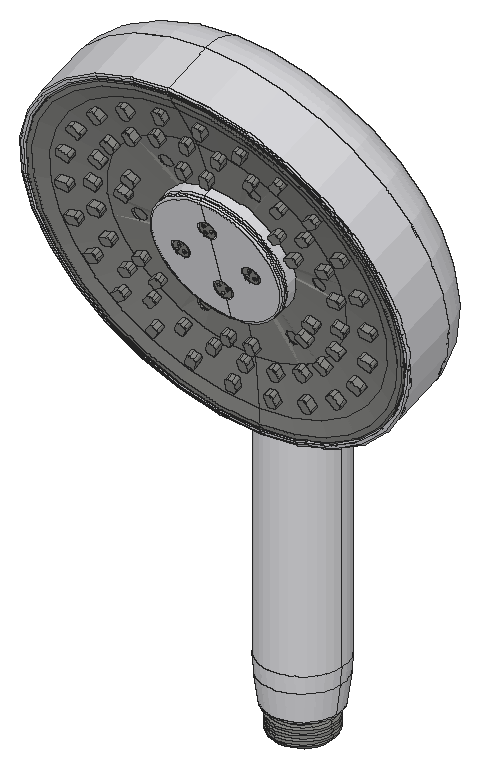
Revit family "Shower-Handshower-KOHLER-Statement_Round-K-R28694T_1", category Plumbing Fixtures, host Face, Revit 2021
Family settings
  Host = Face
  Round Connector Dimension = Use Diameter
  Part Type = Normal
  OmniClass Number = 23.31.17.00
  OmniClass Title = Showers
  Cut with Voids When Loaded = No
  Shared = No
  Room Calculation Point = No
Parameters (values of type "2.5GPM, CP-Polished Chrome")
  Width = 5 15/128"  # constant formula
  WaterSense Certified = 1 = 0  # no
  Waste Water Outlet = "Waste Water Outlet"  # constant formula
  Waste Connection = 1 = 0  # no
  Vent Connection = 1 = 0  # no
  URL = "http://www.kohler.com.cn/"
  Type = 1
  Tempered Water Inlet = "Tempered Water Inlet"  # constant formula
  Product Page URL = ""
  Product Name = "Statement Round"  # constant formula
  Product Documentation Link = ""
  Pressure = 80.00 psi  # constant formula
  Panel Thickness = 0"
  Model = if(Type = 1, "K-R28694T-CP", if(Type = 2, "K-R28694T-E2-CP", if(Type = 3, "K-R28694T-E3-CP", "NA")))  # "K-R28694T-CP"
  Material = "Plastic"  # constant formula
  Master Format 2014 Name = "Residential Showers"  # constant formula
  Master Format 2014 = "22 42 23"  # constant formula
  Manufacturer Address = "Kohler Beijing Office (100016) 36-2-03-B, No. 88, Liuxiang Road, Beijing"  # constant formula
  Manufacturer = "Kohler Co."  # constant formula
  Length = 3 13/128"  # constant formula
  Hot Water Inlet = "Hot Water Inlet"  # constant formula
  Height = 8 127/128"  # constant formula
  HW Connection = 1 = 1  # yes
  Flow Rate = if(or(Type < 2), 2.5 GPM, if(or(Type < 3), 1.5 GPM, 1.32 GPM))  # 2.5 GPM
  Finish = Kohler-Plastic-CP-Polished_Chrome
  Environmental Product Declaration = ""
  Drain Included = 1 = 0  # no
  Description = if(Type < 3, "Round Handshower With Watermind", "Round Handshower With Watermind 1.32GPM")  # "Round Handshower With Watermind"
  Default Elevation = 45"
  Declare Label = ""
  Date Modified = "01/23/2023"  # constant formula
  Date Created = "01/23/2023"  # constant formula
  Copyright = "Copyright Kohler Co."  # constant formula
  Contact Us = "http://www.kohler.com.cn/contact/contact-us/"
  Cold Water Inlet = "Cold Water Inlet"  # constant formula
  CW Connection = 1 = 0  # no
  Assembly Code = "D2010700"
  ADA Compliant = 1 = 0  # no
Reference planes (in)
  plane 1 "Center (Front/Back)": y = 0
  plane 2: z = 0
  plane 3 "Center (Left/Right)": x = 0
  plane 4: x = 2.55906
  plane 5: x = -2.55813
  plane 6: y = 0.82963
  plane 7: y = -2.27193
  plane 8: x = -0.53161
  plane 9: x = -0.4115
  plane 10: x = 0.53161
  plane 11: x = 0.4115
  plane 12: z = 8.99219
  plane 13: z = 6.32484
  plane 14: through (0, -2.27676, 8.75801) normal (0, -0.9508, -0.3098)
  plane 15: through (0, -0.95672, 8.99409) normal (0, -0.9508, -0.3098)
  plane 16: through (0, -0.60323, 8.99409) normal (0, -0.9508, -0.3098)
  plane 17: through (0, -2.27676, 8.758) normal (0, 0.3098, -0.9508)
  plane 18: through (0, -2.27676, 6.06655) normal (0, 0.3098, -0.9508)
  plane 19: through (0, -0.69124, 3.89167) normal (0, 0.3098, -0.9508)
Dimensions and locks (in)
  plane 5 to plane 4 = 5 15/128"
  "Width": plane 5 to plane 4
  "Height": plane 12 to level
  "Length": plane 6 to plane 7
  plane 14 to plane 15 = 1.32824"
  aligned and locked: plane 2 to host face
  aligned and locked: level to host face
  aligned and locked: plane 1 "Center (Front/Back)" to nested 1
  aligned and locked: plane 3 "Center (Left/Right)" to nested 1
Automatic sketch dimensions
  host sketch curve to host sketch curve = 96"  (x2)
Nested families (in)
  nested 1: "K-R28694T" at (0, 0, 0), type "K-R28694T"
Connectors (in)
  piping at (0, 0, 0), diameter 0.5, driven by "Flow Rate", driven by "Pressure", driven by "HW Connection", driven by "Tempered Water Inlet"
    settings: on nested 1, index 1, connector inside diameter 24", connector length 0", flow factor 0, pipe flow 2.5 GPM, pressure drop 80.00 psi, fitting loss kfactor 0, connector angle 0.00°, fixture units 0, engagement length 0", angle of deflection 0.00°, flow configuration 1, flow direction 1, fitting loss method 4, system type 19, joint type 0, gender type 0, connector reference index -1, connector utility 1, adjustable connector no, is connector primary yes, connector description "Tempered Water Inlet"
Definition of nested family "K-R28694T"
  Parameters (values of type "K-R28694T")
    Material = none
    Default Elevation = 0"
  Reference planes (in)
    plane 1 "Center (Front/Back)": y = 0
    plane 2: z = 0
    plane 3 "Center (Left/Right)": x = 0
    plane 4: z = 8.99409
    plane 5: y = -2.27318
    plane 6: y = 0.82963
    plane 7: x = -2.55906
    plane 8: x = 2.55906
    plane 9: x = -0.53161
    plane 10: x = 0.53161
    plane 11: x = -0.4115
    plane 12: x = 0.4115
    plane 13 "A": through (0, -2.27318, 8.74702) normal (0, 0.9508, 0.3098)
    plane 14 "B": through (0, -1.0153, 9.17389) normal (0, 0.9508, 0.3098)
    plane 15 "C": through (0, -0.84063, 9.72272) normal (0, 0.9508, 0.3098)
    plane 16 "E": z = 6.32484
    plane 17 "D": through (0, -1.484, 6.32484) normal (0, -0.3098, 0.9508)
    plane 18 "F": through (0, -2.27676, 8.75801) normal (0, -0.3098, 0.9508)
    plane 19 "G": through (0, -0.91185, 9.63804) normal (0, 0.9508, 0.3098)
    plane 20: through (0, 1.49533, 5.55665) normal (0, -0.3098, 0.9508)
    plane 21 "H": through (0, -0.69124, 3.89167) normal (0, -0.3098, 0.9508)
  Forms (in)
    Revolve 1, solid, detail levels medium+fine
      sketch origin (0, 0, 0) x (1, 0, 0) y (0, 0, 1)
        loop
          line (0, 0) -> (0, 0.35441) -> (-0.39532, 0.35441)
          arc (-0.39532, 0.35441) -> (-0.3739, 0.34608) -> (-0.36373, 0.32547) r 0.03171
          line (-0.36373, 0.32547) -> (-0.36065, 0.29026)
          arc (-0.36065, 0.29026) -> (-0.364, 0.27415) -> (-0.37569, 0.26257) r 0.02854
          line (-0.37569, 0.26257) -> (-0.4115, 0.24353) -> (-0.4115, 0.21272) -> (-0.3737, 0.19897) -> (-0.4115, 0.17887) -> (-0.4115, 0.14755) -> (-0.3698, 0.13237) -> (-0.4115, 0.1102) -> (-0.4115, 0.07911) -> (-0.36384, 0.05377) -> (-0.39104, 0.03807) -> (-0.35297, 0) -> (0, 0)
        axis (0, 0.35441) -> (0, 0)
      angle from 0 to 360
    Revolve 2, solid, material <- "Material", detail levels medium+fine
      sketch origin (0, 0, 0) x (1, 0, 0) y (0, 0, 1)
        loop
          line (0, 0.35504) -> (0, 4.93557) -> (-0.53161, 4.93557) -> (-0.53161, 0.96802)
          arc (-0.53161, 0.96802) -> (-0.52778, 0.85683) -> (-0.51632, 0.74617) r 1.61728
          arc (-0.51632, 0.74617) -> (-0.49072, 0.56002) -> (-0.46547, 0.37382) r 99.66661
          arc (-0.46547, 0.37382) -> (-0.45826, 0.3604) -> (-0.44399, 0.35504) r 0.02167
          line (-0.44399, 0.35504) -> (0, 0.35504)
        axis (0, 4.93557) -> (0, 0.35504)
      angle from 0 to 360
    Revolve 3, solid, material <- "Material", detail levels medium+fine
      sketch origin (0, 0, 0) x (0, 1, 0) y (0, 0, 1)
        loop
          line (-1.037, 6.47048) -> (-0.2211, 6.73631) -> (-0.69149, 8.18006)
          arc (-0.69149, 8.18006) -> (-0.80228, 8.45967) -> (-0.94696, 8.72334) r 2.41545
          arc (-0.94696, 8.72334) -> (-1.24582, 8.96315) -> (-1.62895, 8.96907) r 0.59055
          line (-1.62895, 8.96907) -> (-2.25804, 8.7641)
          arc (-2.25804, 8.7641) -> (-2.26949, 8.75431) -> (-2.27066, 8.73929) r 0.01969
          line (-2.27066, 8.73929) -> (-2.25848, 8.70193)
          arc (-2.25848, 8.70193) -> (-2.24869, 8.69048) -> (-2.23367, 8.68931) r 0.01969
          line (-2.23367, 8.68931) -> (-2.0059, 8.76352) -> (-1.8534, 8.29544) -> (-1.42526, 7.58291)
          arc (-1.42526, 7.58291) -> (-1.3745, 7.48647) -> (-1.33494, 7.38492) r 0.96461
          line (-1.33494, 7.38492) -> (-1.037, 6.47048)
        axis (-1.484, 6.32484) -> (-0.2211, 6.73631)
      angle from 0 to 360
    Revolve 4, solid, material <- "Material", detail levels medium+fine
      sketch origin (0, 0, 0) x (0, 1, 0) y (0, 0, 1)
        loop
          arc (0.74523, 4.55205) -> (0.73392, 4.56527) -> (0.71658, 4.56662) r 0.02272
          line (0.71658, 4.56662) -> (0.65207, 4.5456) -> (0.4352, 5.21124) -> (-0.00468, 5.06792) -> (0.23937, 4.31887) -> (0.74665, 4.48415)
          arc (0.74665, 4.48415) -> (0.7581, 4.49394) -> (0.75927, 4.50896) r 0.01969
          line (0.75927, 4.50896) -> (0.74523, 4.55205)
        axis (-0.00468, 5.06792) -> (0.52131, 5.2393)
      angle from 0 to 360
    Revolve 5, solid, detail levels medium+fine
      sketch origin (0, 0, 0) x (0, 1, 0) y (0, 0, 1)
        loop
          line (-2.0059, 8.76352) -> (-2.23376, 8.68928)
          arc (-2.23376, 8.68928) -> (-2.24515, 8.67953) -> (-2.24632, 8.66459) r 0.01959
          line (-2.24632, 8.66459) -> (-2.22524, 8.59988) -> (-2.11331, 8.44582)
          arc (-2.11331, 8.44582) -> (-1.93194, 8.17116) -> (-1.77583, 7.88139) r 3.68109
          arc (-1.77583, 7.88139) -> (-1.46268, 7.1594) -> (-1.20849, 6.4146) r 9.79538
          line (-1.20849, 6.4146) -> (-1.037, 6.47048) -> (-1.33494, 7.38492)
          arc (-1.33494, 7.38492) -> (-1.3745, 7.48647) -> (-1.42526, 7.58291) r 0.96461
          line (-1.42526, 7.58291) -> (-1.8534, 8.29544) -> (-2.0059, 8.76352)
        axis (-1.484, 6.32484) -> (-1.037, 6.47048)
      angle from 0 to 360
    Extrusion 6, void
      sketch origin (0, 0.52137, 0.16987) x (0, -0.309785, 0.950807) y (1, 0, 0)
        loop
          circle (6.92246, -0.00063) r 0.12466
      from 0 to 0.09805
    Extrusion 7, solid, detail levels medium+fine
      sketch origin (0, 0.52137, 0.16987) x (0, -0.309785, 0.950807) y (1, 0, 0)
        loop
          circle (6.92246, -0.00063) r 0.10512
        loop
          circle (6.4527, -0.46913) r 0.10512
        loop
          circle (6.4527, 0.46913) r 0.10512
        loop
          circle (6.04793, 0.00072) r 0.11393
      from 0.01975 to 0.09805
    Extrusion 8, void
      sketch origin (0, 0.52137, 0.16987) x (0, -0.309785, 0.950807) y (1, 0, 0)
        loop
          circle (6.98124, -0.03075) r 0.03138
        loop
          circle (6.93063, 0.05953) r 0.03138
        loop
          circle (6.88172, -0.02954) r 0.03138
        loop
          circle (6.09812, -0.04479) r 0.02756
        loop
          circle (6.07436, 0.06696) r 0.02756
        loop
          circle (5.99626, -0.01115) r 0.02756
        loop
          circle (6.42757, 0.52293) r 0.03138
        loop
          circle (6.51785, 0.47231) r 0.03138
        loop
          circle (6.42877, 0.42341) r 0.03138
        loop
          circle (6.42757, -0.52293) r 0.03138
        loop
          circle (6.51785, -0.47231) r 0.03138
        loop
          circle (6.42877, -0.42341) r 0.03138
      from 0 to 0.07184
    Extrusion 9, void
      sketch origin (6.45166, -1.47726, 6.30415) x (-1, 0, 0) y (0, -0.309785, 0.950807)
        loop
          circle (6.92246, -0.00063) r 0.12466
      from 0 to 0.09805
    Extrusion 10, void
      sketch origin (-6.45166, -1.47726, 6.30415) x (1, 0, 0) y (0, 0.309785, -0.950807)
        loop
          circle (6.92246, 0.00063) r 0.12466
      from 0 to 0.09805
    Extrusion 11, void
      sketch origin (0, 0.52137, 0.16987) x (0, -0.309785, 0.950807) y (1, 0, 0)
        loop
          circle (6.04178, 0.00072) r 0.13029
      from 0 to 0.09805
    Extrusion 12, solid, detail levels medium+fine
      sketch origin (0, 0.50612, 0.21666) x (0, -0.309785, 0.950807) y (1, 0, 0)
        loop
          arc (8.14294, -0.06192) -> (8.17077, -0.05038) -> (8.18231, -0.02255) r 0.03937
          line (8.18231, -0.02255) -> (8.18231, 0.02208)
          arc (8.18231, 0.02208) -> (8.17077, 0.04992) -> (8.14294, 0.06145) r 0.03937
          line (8.14294, 0.06145) -> (8.05073, 0.06145)
          arc (8.05073, 0.06145) -> (8.02289, 0.04992) -> (8.01136, 0.02208) r 0.03937
          line (8.01136, 0.02208) -> (8.01136, -0.02255)
          arc (8.01136, -0.02255) -> (8.02289, -0.05038) -> (8.05073, -0.06192) r 0.03937
          line (8.05073, -0.06192) -> (8.14294, -0.06192)
        loop
          arc (8.06736, -0.48836) -> (8.09724, -0.48442) -> (8.11558, -0.46052) r 0.03937
          line (8.11558, -0.46052) -> (8.12713, -0.41741)
          arc (8.12713, -0.41741) -> (8.1232, -0.38754) -> (8.09929, -0.36919) r 0.03937
          line (8.09929, -0.36919) -> (8.01022, -0.34533)
          arc (8.01022, -0.34533) -> (7.98035, -0.34926) -> (7.96201, -0.37317) r 0.03937
          line (7.96201, -0.37317) -> (7.95046, -0.41627)
          arc (7.95046, -0.41627) -> (7.95439, -0.44615) -> (7.97829, -0.46449) r 0.03937
          line (7.97829, -0.46449) -> (8.06736, -0.48836)
        loop
          arc (7.90052, -0.87681) -> (7.9304, -0.88074) -> (7.9543, -0.8624) r 0.03937
          line (7.9543, -0.8624) -> (7.97662, -0.82375)
          arc (7.97662, -0.82375) -> (7.98055, -0.79388) -> (7.9622, -0.76997) r 0.03937
          line (7.9622, -0.76997) -> (7.88235, -0.72387)
          arc (7.88235, -0.72387) -> (7.85247, -0.71994) -> (7.82857, -0.73828) r 0.03937
          line (7.82857, -0.73828) -> (7.80626, -0.77693)
          arc (7.80626, -0.77693) -> (7.80232, -0.8068) -> (7.82067, -0.83071) r 0.03937
          line (7.82067, -0.83071) -> (7.90052, -0.87681)
        loop
          arc (7.60955, -1.22964) -> (7.63739, -1.24117) -> (7.66523, -1.22964) r 0.03937
          line (7.66523, -1.22964) -> (7.69678, -1.19809)
          arc (7.69678, -1.19809) -> (7.70831, -1.17025) -> (7.69678, -1.14241) r 0.03937
          line (7.69678, -1.14241) -> (7.63158, -1.07721)
          arc (7.63158, -1.07721) -> (7.60374, -1.06568) -> (7.5759, -1.07721) r 0.03937
          line (7.5759, -1.07721) -> (7.54435, -1.10876)
          arc (7.54435, -1.10876) -> (7.53282, -1.1366) -> (7.54435, -1.16444) r 0.03937
          line (7.54435, -1.16444) -> (7.60955, -1.22964)
        loop
          arc (7.26839, -1.46538) -> (7.2923, -1.48372) -> (7.32217, -1.47979) r 0.03937
          line (7.32217, -1.47979) -> (7.36082, -1.45748)
          arc (7.36082, -1.45748) -> (7.37916, -1.43357) -> (7.37523, -1.4037) r 0.03937
          line (7.37523, -1.4037) -> (7.32912, -1.32384)
          arc (7.32912, -1.32384) -> (7.30522, -1.3055) -> (7.27534, -1.30943) r 0.03937
          line (7.27534, -1.30943) -> (7.2367, -1.33174)
          arc (7.2367, -1.33174) -> (7.21835, -1.35565) -> (7.22229, -1.38552) r 0.03937
          line (7.22229, -1.38552) -> (7.26839, -1.46538)
        loop
          arc (6.83999, -1.62545) -> (6.85833, -1.64936) -> (6.88821, -1.65329) r 0.03937
          line (6.88821, -1.65329) -> (6.93131, -1.64174)
          arc (6.93131, -1.64174) -> (6.95522, -1.6234) -> (6.95915, -1.59352) r 0.03937
          line (6.95915, -1.59352) -> (6.93528, -1.50446)
          arc (6.93528, -1.50446) -> (6.91694, -1.48055) -> (6.88706, -1.47662) r 0.03937
          line (6.88706, -1.47662) -> (6.84396, -1.48817)
          arc (6.84396, -1.48817) -> (6.82006, -1.50651) -> (6.81612, -1.53639) r 0.03937
          line (6.81612, -1.53639) -> (6.83999, -1.62545)
        loop
          arc (6.41115, -1.66619) -> (6.42268, -1.69403) -> (6.45052, -1.70556) r 0.03937
          line (6.45052, -1.70556) -> (6.49514, -1.70556)
          arc (6.49514, -1.70556) -> (6.52298, -1.69403) -> (6.53451, -1.66619) r 0.03937
          line (6.53451, -1.66619) -> (6.53451, -1.57398)
          arc (6.53451, -1.57398) -> (6.52298, -1.54614) -> (6.49514, -1.53461) r 0.03937
          line (6.49514, -1.53461) -> (6.45052, -1.53461)
          arc (6.45052, -1.53461) -> (6.42268, -1.54614) -> (6.41115, -1.57398) r 0.03937
          line (6.41115, -1.57398) -> (6.41115, -1.66619)
        loop
          arc (5.98471, -1.59061) -> (5.98864, -1.62049) -> (6.01255, -1.63883) r 0.03937
          line (6.01255, -1.63883) -> (6.05565, -1.65038)
          arc (6.05565, -1.65038) -> (6.08553, -1.64645) -> (6.10387, -1.62254) r 0.03937
          line (6.10387, -1.62254) -> (6.12774, -1.53348)
          arc (6.12774, -1.53348) -> (6.1238, -1.5036) -> (6.0999, -1.48526) r 0.03937
          line (6.0999, -1.48526) -> (6.05679, -1.47371)
          arc (6.05679, -1.47371) -> (6.02692, -1.47764) -> (6.00858, -1.50155) r 0.03937
          line (6.00858, -1.50155) -> (5.98471, -1.59061)
        loop
          line (8.07967, 0.48836) -> (7.9906, 0.46449)
          arc (7.9906, 0.46449) -> (7.96669, 0.44615) -> (7.96276, 0.41627) r 0.03937
          line (7.96276, 0.41627) -> (7.97431, 0.37317)
          arc (7.97431, 0.37317) -> (7.99265, 0.34926) -> (8.02253, 0.34533) r 0.03937
          line (8.02253, 0.34533) -> (8.11159, 0.36919)
          arc (8.11159, 0.36919) -> (8.1355, 0.38754) -> (8.13943, 0.41741) r 0.03937
          line (8.13943, 0.41741) -> (8.12788, 0.46052)
          arc (8.12788, 0.46052) -> (8.10954, 0.48442) -> (8.07967, 0.48836) r 0.03937
        loop
          line (7.90052, 0.88911) -> (7.82067, 0.84301)
          arc (7.82067, 0.84301) -> (7.80232, 0.8191) -> (7.80626, 0.78923) r 0.03937
          line (7.80626, 0.78923) -> (7.82857, 0.75058)
          arc (7.82857, 0.75058) -> (7.85247, 0.73224) -> (7.88235, 0.73617) r 0.03937
          line (7.88235, 0.73617) -> (7.9622, 0.78228)
          arc (7.9622, 0.78228) -> (7.98055, 0.80618) -> (7.97662, 0.83606) r 0.03937
          line (7.97662, 0.83606) -> (7.9543, 0.8747)
          arc (7.9543, 0.8747) -> (7.9304, 0.89305) -> (7.90052, 0.88911) r 0.03937
        loop
          line (7.62185, 1.20503) -> (7.55665, 1.13983)
          arc (7.55665, 1.13983) -> (7.54512, 1.11199) -> (7.55665, 1.08416) r 0.03937
          line (7.55665, 1.08416) -> (7.58821, 1.0526)
          arc (7.58821, 1.0526) -> (7.61605, 1.04107) -> (7.64388, 1.0526) r 0.03937
          line (7.64388, 1.0526) -> (7.70909, 1.1178)
          arc (7.70909, 1.1178) -> (7.72062, 1.14564) -> (7.70909, 1.17348) r 0.03937
          line (7.70909, 1.17348) -> (7.67753, 1.20503)
          arc (7.67753, 1.20503) -> (7.64969, 1.21657) -> (7.62185, 1.20503) r 0.03937
        loop
          line (7.28069, 1.46538) -> (7.23459, 1.38552)
          arc (7.23459, 1.38552) -> (7.23066, 1.35565) -> (7.249, 1.33174) r 0.03937
          line (7.249, 1.33174) -> (7.28765, 1.30943)
          arc (7.28765, 1.30943) -> (7.31752, 1.3055) -> (7.34143, 1.32384) r 0.03937
          line (7.34143, 1.32384) -> (7.38753, 1.4037)
          arc (7.38753, 1.4037) -> (7.39146, 1.43357) -> (7.37312, 1.45748) r 0.03937
          line (7.37312, 1.45748) -> (7.33448, 1.47979)
          arc (7.33448, 1.47979) -> (7.3046, 1.48372) -> (7.28069, 1.46538) r 0.03937
        loop
          line (6.86459, 1.62545) -> (6.84073, 1.53639)
          arc (6.84073, 1.53639) -> (6.84466, 1.50651) -> (6.86857, 1.48817) r 0.03937
          line (6.86857, 1.48817) -> (6.91167, 1.47662)
          arc (6.91167, 1.47662) -> (6.94155, 1.48055) -> (6.95989, 1.50446) r 0.03937
          line (6.95989, 1.50446) -> (6.98376, 1.59352)
          arc (6.98376, 1.59352) -> (6.97982, 1.6234) -> (6.95592, 1.64174) r 0.03937
          line (6.95592, 1.64174) -> (6.91281, 1.65329)
          arc (6.91281, 1.65329) -> (6.88294, 1.64936) -> (6.86459, 1.62545) r 0.03937
        loop
          arc (5.00821, -0.76671) -> (4.99071, -0.79124) -> (4.99569, -0.82096) r 0.03937
          line (4.99569, -0.82096) -> (5.01933, -0.8588)
          arc (5.01933, -0.8588) -> (5.04387, -0.8763) -> (5.07359, -0.87133) r 0.03937
          line (5.07359, -0.87133) -> (5.15178, -0.82246)
          arc (5.15178, -0.82246) -> (5.16928, -0.79793) -> (5.16431, -0.76821) r 0.03937
          line (5.16431, -0.76821) -> (5.14066, -0.73037)
          arc (5.14066, -0.73037) -> (5.11613, -0.71287) -> (5.08641, -0.71784) r 0.03937
          line (5.08641, -0.71784) -> (5.00821, -0.76671)
        loop
          arc (4.8825, -0.36876) -> (4.85925, -0.38792) -> (4.85636, -0.41792) r 0.03937
          line (4.85636, -0.41792) -> (4.8694, -0.46059)
          arc (4.8694, -0.46059) -> (4.88857, -0.48384) -> (4.91856, -0.48673) r 0.03937
          line (4.91856, -0.48673) -> (5.00674, -0.45977)
          arc (5.00674, -0.45977) -> (5.03, -0.4406) -> (5.03288, -0.41061) r 0.03937
          line (5.03288, -0.41061) -> (5.01984, -0.36794)
          arc (5.01984, -0.36794) -> (5.00067, -0.34468) -> (4.97068, -0.3418) r 0.03937
          line (4.97068, -0.3418) -> (4.8825, -0.36876)
        loop
          arc (4.82434, 0.05181) -> (4.79692, 0.03932) -> (4.78637, 0.01109) r 0.03937
          line (4.78637, 0.01109) -> (4.78793, -0.0335)
          arc (4.78793, -0.0335) -> (4.80042, -0.06092) -> (4.82865, -0.07148) r 0.03937
          line (4.82865, -0.07148) -> (4.9208, -0.06826)
          arc (4.9208, -0.06826) -> (4.94822, -0.05576) -> (4.95877, -0.02754) r 0.03937
          line (4.95877, -0.02754) -> (4.95722, 0.01706)
          arc (4.95722, 0.01706) -> (4.94472, 0.04448) -> (4.9165, 0.05503) r 0.03937
          line (4.9165, 0.05503) -> (4.82434, 0.05181)
        loop
          arc (4.88413, 0.48062) -> (4.85441, 0.47564) -> (4.83691, 0.45111) r 0.03937
          line (4.83691, 0.45111) -> (4.82687, 0.40763)
          arc (4.82687, 0.40763) -> (4.83185, 0.37791) -> (4.85638, 0.36041) r 0.03937
          line (4.85638, 0.36041) -> (4.94622, 0.33967)
          arc (4.94622, 0.33967) -> (4.97594, 0.34464) -> (4.99344, 0.36918) r 0.03937
          line (4.99344, 0.36918) -> (5.00348, 0.41266)
          arc (5.00348, 0.41266) -> (4.99851, 0.44238) -> (4.97397, 0.45987) r 0.03937
          line (4.97397, 0.45987) -> (4.88413, 0.48062)
        loop
          arc (5.07335, 0.8878) -> (5.04335, 0.89069) -> (5.0201, 0.87153) r 0.03937
          line (5.0201, 0.87153) -> (4.99915, 0.83212)
          arc (4.99915, 0.83212) -> (4.99626, 0.80213) -> (5.01543, 0.77888) r 0.03937
          line (5.01543, 0.77888) -> (5.09685, 0.73559)
          arc (5.09685, 0.73559) -> (5.12684, 0.7327) -> (5.15009, 0.75187) r 0.03937
          line (5.15009, 0.75187) -> (5.17104, 0.79127)
          arc (5.17104, 0.79127) -> (5.17393, 0.82126) -> (5.15476, 0.84451) r 0.03937
          line (5.15476, 0.84451) -> (5.07335, 0.8878)
        loop
          arc (5.33952, 1.22597) -> (5.3113, 1.23652) -> (5.28388, 1.22402) r 0.03937
          line (5.28388, 1.22402) -> (5.25345, 1.19139)
          arc (5.25345, 1.19139) -> (5.24289, 1.16316) -> (5.25539, 1.13574) r 0.03937
          line (5.25539, 1.13574) -> (5.32283, 1.07286)
          arc (5.32283, 1.07286) -> (5.35105, 1.06231) -> (5.37847, 1.0748) r 0.03937
          line (5.37847, 1.0748) -> (5.4089, 1.10744)
          arc (5.4089, 1.10744) -> (5.41946, 1.13566) -> (5.40696, 1.16308) r 0.03937
          line (5.40696, 1.16308) -> (5.33952, 1.22597)
        loop
          arc (5.58983, -1.41263) -> (5.58589, -1.44251) -> (5.60424, -1.46641) r 0.03937
          line (5.60424, -1.46641) -> (5.64288, -1.48872)
          arc (5.64288, -1.48872) -> (5.67276, -1.49266) -> (5.69666, -1.47431) r 0.03937
          line (5.69666, -1.47431) -> (5.74277, -1.39446)
          arc (5.74277, -1.39446) -> (5.7467, -1.36458) -> (5.72836, -1.34068) r 0.03937
          line (5.72836, -1.34068) -> (5.68971, -1.31837)
          arc (5.68971, -1.31837) -> (5.65984, -1.31443) -> (5.63593, -1.33278) r 0.03937
          line (5.63593, -1.33278) -> (5.58983, -1.41263)
        loop
          arc (5.25497, -1.13818) -> (5.24344, -1.16602) -> (5.25497, -1.19386) r 0.03937
          line (5.25497, -1.19386) -> (5.28653, -1.22541)
          arc (5.28653, -1.22541) -> (5.31436, -1.23694) -> (5.3422, -1.22541) r 0.03937
          line (5.3422, -1.22541) -> (5.40741, -1.16021)
          arc (5.40741, -1.16021) -> (5.41894, -1.13237) -> (5.40741, -1.10453) r 0.03937
          line (5.40741, -1.10453) -> (5.37585, -1.07298)
          arc (5.37585, -1.07298) -> (5.34801, -1.06144) -> (5.32017, -1.07298) r 0.03937
          line (5.32017, -1.07298) -> (5.25497, -1.13818)
        loop
          arc (6.55493, 1.66222) -> (6.5434, 1.69006) -> (6.51556, 1.70159) r 0.03937
          line (6.51556, 1.70159) -> (6.47094, 1.70159)
          arc (6.47094, 1.70159) -> (6.4431, 1.69006) -> (6.43157, 1.66222) r 0.03937
          line (6.43157, 1.66222) -> (6.43157, 1.57001)
          arc (6.43157, 1.57001) -> (6.4431, 1.54218) -> (6.47094, 1.53064) r 0.03937
          line (6.47094, 1.53064) -> (6.51556, 1.53064)
          arc (6.51556, 1.53064) -> (6.5434, 1.54218) -> (6.55493, 1.57001) r 0.03937
          line (6.55493, 1.57001) -> (6.55493, 1.66222)
        loop
          line (5.98005, 1.58665) -> (6.00392, 1.49758)
          arc (6.00392, 1.49758) -> (6.02226, 1.47368) -> (6.05214, 1.46974) r 0.03937
          line (6.05214, 1.46974) -> (6.09524, 1.48129)
          arc (6.09524, 1.48129) -> (6.11915, 1.49964) -> (6.12308, 1.52951) r 0.03937
          line (6.12308, 1.52951) -> (6.09921, 1.61858)
          arc (6.09921, 1.61858) -> (6.08087, 1.64249) -> (6.051, 1.64642) r 0.03937
          line (6.051, 1.64642) -> (6.00789, 1.63487)
          arc (6.00789, 1.63487) -> (5.98399, 1.61653) -> (5.98005, 1.58665) r 0.03937
        loop
          arc (5.69522, 1.47926) -> (5.67115, 1.49738) -> (5.64131, 1.49317) r 0.03937
          line (5.64131, 1.49317) -> (5.60288, 1.4705)
          arc (5.60288, 1.4705) -> (5.58475, 1.44642) -> (5.58897, 1.41659) r 0.03937
          line (5.58897, 1.41659) -> (5.63581, 1.33717)
          arc (5.63581, 1.33717) -> (5.65989, 1.31904) -> (5.68972, 1.32326) r 0.03937
          line (5.68972, 1.32326) -> (5.72816, 1.34593)
          arc (5.72816, 1.34593) -> (5.74628, 1.37) -> (5.74207, 1.39984) r 0.03937
          line (5.74207, 1.39984) -> (5.69522, 1.47926)
        loop
          line (8.48327, -0.22077) -> (8.37624, -0.20573)
          arc (8.37624, -0.20573) -> (8.3494, -0.21267) -> (8.33533, -0.23656) r 0.03622
          line (8.33533, -0.23656) -> (8.32798, -0.28887)
          arc (8.32798, -0.28887) -> (8.33492, -0.31571) -> (8.35881, -0.32978) r 0.03622
          line (8.35881, -0.32978) -> (8.46597, -0.34484)
          arc (8.46597, -0.34484) -> (8.49271, -0.33792) -> (8.50673, -0.31412) r 0.03609
          line (8.50673, -0.31412) -> (8.5141, -0.26168)
          arc (8.5141, -0.26168) -> (8.50716, -0.23484) -> (8.48327, -0.22077) r 0.03622
        loop
          line (8.10404, -1.21368) -> (8.01887, -1.14714)
          arc (8.01887, -1.14714) -> (7.99216, -1.13974) -> (7.96803, -1.15339) r 0.03622
          line (7.96803, -1.15339) -> (7.93551, -1.19501)
          arc (7.93551, -1.19501) -> (7.9281, -1.22173) -> (7.94175, -1.24586) r 0.03622
          line (7.94175, -1.24586) -> (8.02702, -1.31248)
          arc (8.02702, -1.31248) -> (8.05364, -1.31986) -> (8.07768, -1.30626) r 0.03609
          line (8.07768, -1.30626) -> (8.11028, -1.26453)
          arc (8.11028, -1.26453) -> (8.11769, -1.23781) -> (8.10404, -1.21368) r 0.03622
        loop
          line (8.35901, -0.74219) -> (8.25953, -0.69996)
          arc (8.25953, -0.69996) -> (8.23181, -0.69972) -> (8.21203, -0.71915) r 0.03622
          line (8.21203, -0.71915) -> (8.19139, -0.76778)
          arc (8.19139, -0.76778) -> (8.19115, -0.7955) -> (8.21058, -0.81527) r 0.03622
          line (8.21058, -0.81527) -> (8.31019, -0.85755)
          arc (8.31019, -0.85755) -> (8.33781, -0.85779) -> (8.35751, -0.83843) r 0.03609
          line (8.35751, -0.83843) -> (8.3782, -0.78969)
          arc (8.3782, -0.78969) -> (8.37845, -0.76197) -> (8.35901, -0.74219) r 0.03622
        loop
          line (7.73572, -1.60312) -> (7.67068, -1.5168)
          arc (7.67068, -1.5168) -> (7.64679, -1.50273) -> (7.61995, -1.50967) r 0.03622
          line (7.61995, -1.50967) -> (7.57776, -1.54147)
          arc (7.57776, -1.54147) -> (7.56369, -1.56535) -> (7.57063, -1.59219) r 0.03622
          line (7.57063, -1.59219) -> (7.63575, -1.67861)
          arc (7.63575, -1.67861) -> (7.65955, -1.69263) -> (7.6863, -1.68571) r 0.03609
          line (7.6863, -1.68571) -> (7.72859, -1.65384)
          arc (7.72859, -1.65384) -> (7.74266, -1.62996) -> (7.73572, -1.60312) r 0.03622
        loop
          line (6.76547, -2.03705) -> (6.7523, -1.92978)
          arc (6.7523, -1.92978) -> (6.73864, -1.90565) -> (6.71193, -1.89824) r 0.03622
          line (6.71193, -1.89824) -> (6.6595, -1.90468)
          arc (6.6595, -1.90468) -> (6.63537, -1.91833) -> (6.62796, -1.94505) r 0.03622
          line (6.62796, -1.94505) -> (6.64115, -2.05245)
          arc (6.64115, -2.05245) -> (6.65475, -2.07649) -> (6.68137, -2.08387) r 0.03609
          line (6.68137, -2.08387) -> (6.73393, -2.07742)
          arc (6.73393, -2.07742) -> (6.75806, -2.06377) -> (6.76547, -2.03705) r 0.03622
        loop
          line (7.27916, -1.88395) -> (7.23867, -1.78374)
          arc (7.23867, -1.78374) -> (7.21924, -1.76397) -> (7.19152, -1.76373) r 0.03622
          line (7.19152, -1.76373) -> (7.14254, -1.78352)
          arc (7.14254, -1.78352) -> (7.12277, -1.80295) -> (7.12252, -1.83067) r 0.03622
          line (7.12252, -1.83067) -> (7.16306, -1.931)
          arc (7.16306, -1.931) -> (7.18242, -1.9507) -> (7.21004, -1.95094) r 0.03609
          line (7.21004, -1.95094) -> (7.25914, -1.93111)
          arc (7.25914, -1.93111) -> (7.27892, -1.91168) -> (7.27916, -1.88395) r 0.03622
        loop
          arc (8.48327, 0.20163) -> (8.50716, 0.2157) -> (8.5141, 0.24254) r 0.03622
          line (8.5141, 0.24254) -> (8.50673, 0.29498)
          arc (8.50673, 0.29498) -> (8.49271, 0.31878) -> (8.46597, 0.3257) r 0.03609
          line (8.46597, 0.3257) -> (8.35881, 0.31064)
          arc (8.35881, 0.31064) -> (8.33492, 0.29657) -> (8.32798, 0.26973) r 0.03622
          line (8.32798, 0.26973) -> (8.33533, 0.21742)
          arc (8.33533, 0.21742) -> (8.3494, 0.19353) -> (8.37624, 0.18659) r 0.03622
          line (8.37624, 0.18659) -> (8.48327, 0.20163)
        loop
          arc (8.10404, 1.19454) -> (8.11769, 1.21867) -> (8.11028, 1.24538) r 0.03622
          line (8.11028, 1.24538) -> (8.07768, 1.28711)
          arc (8.07768, 1.28711) -> (8.05364, 1.30072) -> (8.02702, 1.29334) r 0.03609
          line (8.02702, 1.29334) -> (7.94175, 1.22671)
          arc (7.94175, 1.22671) -> (7.9281, 1.20259) -> (7.93551, 1.17587) r 0.03622
          line (7.93551, 1.17587) -> (7.96803, 1.13425)
          arc (7.96803, 1.13425) -> (7.99216, 1.12059) -> (8.01887, 1.128) r 0.03622
          line (8.01887, 1.128) -> (8.10404, 1.19454)
        loop
          arc (8.35901, 0.72305) -> (8.37845, 0.74282) -> (8.3782, 0.77054) r 0.03622
          line (8.3782, 0.77054) -> (8.35751, 0.81929)
          arc (8.35751, 0.81929) -> (8.33781, 0.83865) -> (8.31019, 0.83841) r 0.03609
          line (8.31019, 0.83841) -> (8.21058, 0.79613)
          arc (8.21058, 0.79613) -> (8.19115, 0.77636) -> (8.19139, 0.74864) r 0.03622
          line (8.19139, 0.74864) -> (8.21203, 0.70001)
          arc (8.21203, 0.70001) -> (8.23181, 0.68058) -> (8.25953, 0.68082) r 0.03622
          line (8.25953, 0.68082) -> (8.35901, 0.72305)
        loop
          arc (7.73572, 1.58398) -> (7.74266, 1.61082) -> (7.72859, 1.6347) r 0.03622
          line (7.72859, 1.6347) -> (7.6863, 1.66657)
          arc (7.6863, 1.66657) -> (7.65955, 1.67349) -> (7.63575, 1.65947) r 0.03609
          line (7.63575, 1.65947) -> (7.57063, 1.57305)
          arc (7.57063, 1.57305) -> (7.56369, 1.54621) -> (7.57776, 1.52232) r 0.03622
          line (7.57776, 1.52232) -> (7.61995, 1.49053)
          arc (7.61995, 1.49053) -> (7.64679, 1.48359) -> (7.67068, 1.49766) r 0.03622
          line (7.67068, 1.49766) -> (7.73572, 1.58398)
        loop
          arc (6.76547, 2.01791) -> (6.75806, 2.04463) -> (6.73393, 2.05828) r 0.03622
          line (6.73393, 2.05828) -> (6.68137, 2.06473)
          arc (6.68137, 2.06473) -> (6.65475, 2.05735) -> (6.64115, 2.03331) r 0.03609
          line (6.64115, 2.03331) -> (6.62796, 1.9259)
          arc (6.62796, 1.9259) -> (6.63537, 1.89919) -> (6.6595, 1.88554) r 0.03622
          line (6.6595, 1.88554) -> (6.71193, 1.8791)
          arc (6.71193, 1.8791) -> (6.73864, 1.88651) -> (6.7523, 1.91064) r 0.03622
          line (6.7523, 1.91064) -> (6.76547, 2.01791)
        loop
          arc (7.27916, 1.86481) -> (7.27892, 1.89253) -> (7.25914, 1.91196) r 0.03622
          line (7.25914, 1.91196) -> (7.21004, 1.9318)
          arc (7.21004, 1.9318) -> (7.18242, 1.93156) -> (7.16306, 1.91186) r 0.03609
          line (7.16306, 1.91186) -> (7.12252, 1.81153)
          arc (7.12252, 1.81153) -> (7.12277, 1.78381) -> (7.14254, 1.76438) r 0.03622
          line (7.14254, 1.76438) -> (7.19152, 1.74459)
          arc (7.19152, 1.74459) -> (7.21924, 1.74483) -> (7.23867, 1.7646) r 0.03622
          line (7.23867, 1.7646) -> (7.27916, 1.86481)
        loop
          arc (4.39844, -0.22077) -> (4.37456, -0.23484) -> (4.36762, -0.26168) r 0.03622
          line (4.36762, -0.26168) -> (4.37499, -0.31412)
          arc (4.37499, -0.31412) -> (4.38901, -0.33792) -> (4.41575, -0.34484) r 0.03609
          line (4.41575, -0.34484) -> (4.52291, -0.32978)
          arc (4.52291, -0.32978) -> (4.54679, -0.31571) -> (4.55373, -0.28887) r 0.03622
          line (4.55373, -0.28887) -> (4.54638, -0.23656)
          arc (4.54638, -0.23656) -> (4.53231, -0.21267) -> (4.50547, -0.20573) r 0.03622
          line (4.50547, -0.20573) -> (4.39844, -0.22077)
        loop
          arc (4.77768, -1.21368) -> (4.76403, -1.23781) -> (4.77143, -1.26453) r 0.03622
          line (4.77143, -1.26453) -> (4.80404, -1.30626)
          arc (4.80404, -1.30626) -> (4.82808, -1.31986) -> (4.8547, -1.31248) r 0.03609
          line (4.8547, -1.31248) -> (4.93997, -1.24586)
          arc (4.93997, -1.24586) -> (4.95362, -1.22173) -> (4.94621, -1.19501) r 0.03622
          line (4.94621, -1.19501) -> (4.91369, -1.15339)
          arc (4.91369, -1.15339) -> (4.88956, -1.13974) -> (4.86284, -1.14714) r 0.03622
          line (4.86284, -1.14714) -> (4.77768, -1.21368)
        loop
          arc (4.5227, -0.74219) -> (4.50327, -0.76197) -> (4.50351, -0.78969) r 0.03622
          line (4.50351, -0.78969) -> (4.5242, -0.83843)
          arc (4.5242, -0.83843) -> (4.54391, -0.85779) -> (4.57153, -0.85755) r 0.03609
          line (4.57153, -0.85755) -> (4.67113, -0.81527)
          arc (4.67113, -0.81527) -> (4.69057, -0.7955) -> (4.69032, -0.76778) r 0.03622
          line (4.69032, -0.76778) -> (4.66968, -0.71915)
          arc (4.66968, -0.71915) -> (4.64991, -0.69972) -> (4.62219, -0.69996) r 0.03622
          line (4.62219, -0.69996) -> (4.5227, -0.74219)
        loop
          arc (5.146, -1.60312) -> (5.13906, -1.62996) -> (5.15313, -1.65384) r 0.03622
          line (5.15313, -1.65384) -> (5.19542, -1.68571)
          arc (5.19542, -1.68571) -> (5.22216, -1.69263) -> (5.24596, -1.67861) r 0.03609
          line (5.24596, -1.67861) -> (5.31108, -1.59219)
          arc (5.31108, -1.59219) -> (5.31802, -1.56535) -> (5.30395, -1.54147) r 0.03622
          line (5.30395, -1.54147) -> (5.26177, -1.50967)
          arc (5.26177, -1.50967) -> (5.23493, -1.50273) -> (5.21104, -1.5168) r 0.03622
          line (5.21104, -1.5168) -> (5.146, -1.60312)
        loop
          arc (6.11625, -2.03705) -> (6.12366, -2.06377) -> (6.14778, -2.07742) r 0.03622
          line (6.14778, -2.07742) -> (6.20035, -2.08387)
          arc (6.20035, -2.08387) -> (6.22696, -2.07649) -> (6.24057, -2.05245) r 0.03609
          line (6.24057, -2.05245) -> (6.25375, -1.94505)
          arc (6.25375, -1.94505) -> (6.24635, -1.91833) -> (6.22222, -1.90468) r 0.03622
          line (6.22222, -1.90468) -> (6.16978, -1.89824)
          arc (6.16978, -1.89824) -> (6.14307, -1.90565) -> (6.12942, -1.92978) r 0.03622
          line (6.12942, -1.92978) -> (6.11625, -2.03705)
        loop
          arc (5.60256, -1.88395) -> (5.6028, -1.91168) -> (5.62257, -1.93111) r 0.03622
          line (5.62257, -1.93111) -> (5.67167, -1.95094)
          arc (5.67167, -1.95094) -> (5.69929, -1.9507) -> (5.71866, -1.931) r 0.03609
          line (5.71866, -1.931) -> (5.75919, -1.83067)
          arc (5.75919, -1.83067) -> (5.75895, -1.80295) -> (5.73918, -1.78352) r 0.03622
          line (5.73918, -1.78352) -> (5.6902, -1.76373)
          arc (5.6902, -1.76373) -> (5.66248, -1.76397) -> (5.64305, -1.78374) r 0.03622
          line (5.64305, -1.78374) -> (5.60256, -1.88395)
        loop
          line (4.39844, 0.20163) -> (4.50547, 0.18659)
          arc (4.50547, 0.18659) -> (4.53231, 0.19353) -> (4.54638, 0.21742) r 0.03622
          line (4.54638, 0.21742) -> (4.55373, 0.26973)
          arc (4.55373, 0.26973) -> (4.54679, 0.29657) -> (4.52291, 0.31064) r 0.03622
          line (4.52291, 0.31064) -> (4.41575, 0.3257)
          arc (4.41575, 0.3257) -> (4.38901, 0.31878) -> (4.37499, 0.29498) r 0.03609
          line (4.37499, 0.29498) -> (4.36762, 0.24254)
          arc (4.36762, 0.24254) -> (4.37456, 0.2157) -> (4.39844, 0.20163) r 0.03622
        loop
          line (4.77768, 1.19454) -> (4.86284, 1.128)
          arc (4.86284, 1.128) -> (4.88956, 1.12059) -> (4.91369, 1.13425) r 0.03622
          line (4.91369, 1.13425) -> (4.94621, 1.17587)
          arc (4.94621, 1.17587) -> (4.95362, 1.20259) -> (4.93997, 1.22671) r 0.03622
          line (4.93997, 1.22671) -> (4.8547, 1.29334)
          arc (4.8547, 1.29334) -> (4.82808, 1.30072) -> (4.80404, 1.28711) r 0.03609
          line (4.80404, 1.28711) -> (4.77143, 1.24538)
          arc (4.77143, 1.24538) -> (4.76403, 1.21867) -> (4.77768, 1.19454) r 0.03622
        loop
          line (4.5227, 0.72305) -> (4.62219, 0.68082)
          arc (4.62219, 0.68082) -> (4.64991, 0.68058) -> (4.66968, 0.70001) r 0.03622
          line (4.66968, 0.70001) -> (4.69032, 0.74864)
          arc (4.69032, 0.74864) -> (4.69057, 0.77636) -> (4.67113, 0.79613) r 0.03622
          line (4.67113, 0.79613) -> (4.57153, 0.83841)
          arc (4.57153, 0.83841) -> (4.54391, 0.83865) -> (4.5242, 0.81929) r 0.03609
          line (4.5242, 0.81929) -> (4.50351, 0.77054)
          arc (4.50351, 0.77054) -> (4.50327, 0.74282) -> (4.5227, 0.72305) r 0.03622
        loop
          line (5.146, 1.58398) -> (5.21104, 1.49766)
          arc (5.21104, 1.49766) -> (5.23493, 1.48359) -> (5.26177, 1.49053) r 0.03622
          line (5.26177, 1.49053) -> (5.30395, 1.52232)
          arc (5.30395, 1.52232) -> (5.31802, 1.54621) -> (5.31108, 1.57305) r 0.03622
          line (5.31108, 1.57305) -> (5.24596, 1.65947)
          arc (5.24596, 1.65947) -> (5.22216, 1.67349) -> (5.19542, 1.66657) r 0.03609
          line (5.19542, 1.66657) -> (5.15313, 1.6347)
          arc (5.15313, 1.6347) -> (5.13906, 1.61082) -> (5.146, 1.58398) r 0.03622
        loop
          line (6.11625, 2.01791) -> (6.12942, 1.91064)
          arc (6.12942, 1.91064) -> (6.14307, 1.88651) -> (6.16978, 1.8791) r 0.03622
          line (6.16978, 1.8791) -> (6.22222, 1.88554)
          arc (6.22222, 1.88554) -> (6.24635, 1.89919) -> (6.25375, 1.9259) r 0.03622
          line (6.25375, 1.9259) -> (6.24057, 2.03331)
          arc (6.24057, 2.03331) -> (6.22696, 2.05735) -> (6.20035, 2.06473) r 0.03609
          line (6.20035, 2.06473) -> (6.14778, 2.05828)
          arc (6.14778, 2.05828) -> (6.12366, 2.04463) -> (6.11625, 2.01791) r 0.03622
        loop
          line (5.60256, 1.86481) -> (5.64305, 1.7646)
          arc (5.64305, 1.7646) -> (5.66248, 1.74483) -> (5.6902, 1.74459) r 0.03622
          line (5.6902, 1.74459) -> (5.73918, 1.76438)
          arc (5.73918, 1.76438) -> (5.75895, 1.78381) -> (5.75919, 1.81153) r 0.03622
          line (5.75919, 1.81153) -> (5.71866, 1.91186)
          arc (5.71866, 1.91186) -> (5.69929, 1.93156) -> (5.67167, 1.9318) r 0.03609
          line (5.67167, 1.9318) -> (5.62257, 1.91196)
          arc (5.62257, 1.91196) -> (5.6028, 1.89253) -> (5.60256, 1.86481) r 0.03622
        loop
          arc (7.74509, -0.14768) -> (7.73754, -0.11851) -> (7.71158, -0.10321) r 0.03937
          line (7.71158, -0.10321) -> (7.62027, -0.09038)
          arc (7.62027, -0.09038) -> (7.5911, -0.09792) -> (7.5758, -0.12389) r 0.03937
          line (7.5758, -0.12389) -> (7.56959, -0.16808)
          arc (7.56959, -0.16808) -> (7.57714, -0.19725) -> (7.6031, -0.21254) r 0.03937
          line (7.6031, -0.21254) -> (7.69441, -0.22538)
          arc (7.69441, -0.22538) -> (7.72358, -0.21783) -> (7.73888, -0.19187) r 0.03937
          line (7.73888, -0.19187) -> (7.74509, -0.14768)
        loop
          line (7.74509, 0.14768) -> (7.73888, 0.19187)
          arc (7.73888, 0.19187) -> (7.72358, 0.21783) -> (7.69441, 0.22538) r 0.03937
          line (7.69441, 0.22538) -> (7.6031, 0.21254)
          arc (7.6031, 0.21254) -> (7.57714, 0.19725) -> (7.56959, 0.16808) r 0.03937
          line (7.56959, 0.16808) -> (7.5758, 0.12389)
          arc (7.5758, 0.12389) -> (7.5911, 0.09792) -> (7.62027, 0.09038) r 0.03937
          line (7.62027, 0.09038) -> (7.71158, 0.10321)
          arc (7.71158, 0.10321) -> (7.73754, 0.11851) -> (7.74509, 0.14768) r 0.03937
        loop
          line (5.10333, -0.14768) -> (5.10954, -0.19187)
          arc (5.10954, -0.19187) -> (5.12483, -0.21783) -> (5.154, -0.22538) r 0.03937
          line (5.154, -0.22538) -> (5.24531, -0.21254)
          arc (5.24531, -0.21254) -> (5.27128, -0.19725) -> (5.27882, -0.16808) r 0.03937
          line (5.27882, -0.16808) -> (5.27261, -0.12389)
          arc (5.27261, -0.12389) -> (5.25732, -0.09792) -> (5.22814, -0.09038) r 0.03937
          line (5.22814, -0.09038) -> (5.13683, -0.10321)
          arc (5.13683, -0.10321) -> (5.11087, -0.11851) -> (5.10333, -0.14768) r 0.03937
        loop
          arc (5.10333, 0.14768) -> (5.11087, 0.11851) -> (5.13683, 0.10321) r 0.03937
          line (5.13683, 0.10321) -> (5.22814, 0.09038)
          arc (5.22814, 0.09038) -> (5.25732, 0.09792) -> (5.27261, 0.12389) r 0.03937
          line (5.27261, 0.12389) -> (5.27882, 0.16808)
          arc (5.27882, 0.16808) -> (5.27128, 0.19725) -> (5.24531, 0.21254) r 0.03937
          line (5.24531, 0.21254) -> (5.154, 0.22538)
          arc (5.154, 0.22538) -> (5.12483, 0.21783) -> (5.10954, 0.19187) r 0.03937
          line (5.10954, 0.19187) -> (5.10333, 0.14768)
        loop
          arc (7.21254, 1.07008) -> (7.1835, 1.07813) -> (7.15728, 1.06329) r 0.03937
          line (7.15728, 1.06329) -> (7.10051, 0.99063)
          arc (7.10051, 0.99063) -> (7.09246, 0.96159) -> (7.10729, 0.93537) r 0.03937
          line (7.10729, 0.93537) -> (7.14246, 0.90789)
          arc (7.14246, 0.90789) -> (7.17149, 0.89984) -> (7.19772, 0.91468) r 0.03937
          line (7.19772, 0.91468) -> (7.25449, 0.98734)
          arc (7.25449, 0.98734) -> (7.26254, 1.01638) -> (7.2477, 1.0426) r 0.03937
          line (7.2477, 1.0426) -> (7.21254, 1.07008)
        loop
          line (6.95675, 1.21776) -> (6.91538, 1.23447)
          arc (6.91538, 1.23447) -> (6.88525, 1.23421) -> (6.86413, 1.21272) r 0.03937
          line (6.86413, 1.21272) -> (6.82959, 1.12722)
          arc (6.82959, 1.12722) -> (6.82985, 1.09709) -> (6.85134, 1.07597) r 0.03937
          line (6.85134, 1.07597) -> (6.89272, 1.05925)
          arc (6.89272, 1.05925) -> (6.92285, 1.05952) -> (6.94397, 1.08101) r 0.03937
          line (6.94397, 1.08101) -> (6.97851, 1.1665)
          arc (6.97851, 1.1665) -> (6.97825, 1.19664) -> (6.95675, 1.21776) r 0.03937
        loop
          line (5.63587, 1.07008) -> (5.60071, 1.0426)
          arc (5.60071, 1.0426) -> (5.58587, 1.01638) -> (5.59392, 0.98734) r 0.03937
          line (5.59392, 0.98734) -> (5.65069, 0.91468)
          arc (5.65069, 0.91468) -> (5.67692, 0.89984) -> (5.70596, 0.90789) r 0.03937
          line (5.70596, 0.90789) -> (5.74112, 0.93537)
          arc (5.74112, 0.93537) -> (5.75596, 0.96159) -> (5.74791, 0.99063) r 0.03937
          line (5.74791, 0.99063) -> (5.69114, 1.06329)
          arc (5.69114, 1.06329) -> (5.66491, 1.07813) -> (5.63587, 1.07008) r 0.03937
        loop
          arc (5.89166, 1.21776) -> (5.87017, 1.19664) -> (5.8699, 1.1665) r 0.03937
          line (5.8699, 1.1665) -> (5.90445, 1.08101)
          arc (5.90445, 1.08101) -> (5.92557, 1.05952) -> (5.9557, 1.05925) r 0.03937
          line (5.9557, 1.05925) -> (5.99707, 1.07597)
          arc (5.99707, 1.07597) -> (6.01856, 1.09709) -> (6.01883, 1.12722) r 0.03937
          line (6.01883, 1.12722) -> (5.98429, 1.21272)
          arc (5.98429, 1.21272) -> (5.96317, 1.23421) -> (5.93303, 1.23447) r 0.03937
          line (5.93303, 1.23447) -> (5.89166, 1.21776)
        loop
          line (7.21254, -1.07008) -> (7.2477, -1.0426)
          arc (7.2477, -1.0426) -> (7.26254, -1.01638) -> (7.25449, -0.98734) r 0.03937
          line (7.25449, -0.98734) -> (7.19772, -0.91468)
          arc (7.19772, -0.91468) -> (7.17149, -0.89984) -> (7.14246, -0.90789) r 0.03937
          line (7.14246, -0.90789) -> (7.10729, -0.93537)
          arc (7.10729, -0.93537) -> (7.09246, -0.96159) -> (7.10051, -0.99063) r 0.03937
          line (7.10051, -0.99063) -> (7.15728, -1.06329)
          arc (7.15728, -1.06329) -> (7.1835, -1.07813) -> (7.21254, -1.07008) r 0.03937
        loop
          arc (6.95675, -1.21776) -> (6.97825, -1.19664) -> (6.97851, -1.1665) r 0.03937
          line (6.97851, -1.1665) -> (6.94397, -1.08101)
          arc (6.94397, -1.08101) -> (6.92285, -1.05952) -> (6.89272, -1.05925) r 0.03937
          line (6.89272, -1.05925) -> (6.85134, -1.07597)
          arc (6.85134, -1.07597) -> (6.82985, -1.09709) -> (6.82959, -1.12722) r 0.03937
          line (6.82959, -1.12722) -> (6.86413, -1.21272)
          arc (6.86413, -1.21272) -> (6.88525, -1.23421) -> (6.91538, -1.23447) r 0.03937
          line (6.91538, -1.23447) -> (6.95675, -1.21776)
        loop
          arc (5.63587, -1.07008) -> (5.66491, -1.07813) -> (5.69114, -1.06329) r 0.03937
          line (5.69114, -1.06329) -> (5.74791, -0.99063)
          arc (5.74791, -0.99063) -> (5.75596, -0.96159) -> (5.74112, -0.93537) r 0.03937
          line (5.74112, -0.93537) -> (5.70596, -0.90789)
          arc (5.70596, -0.90789) -> (5.67692, -0.89984) -> (5.65069, -0.91468) r 0.03937
          line (5.65069, -0.91468) -> (5.59392, -0.98734)
          arc (5.59392, -0.98734) -> (5.58587, -1.01638) -> (5.60071, -1.0426) r 0.03937
          line (5.60071, -1.0426) -> (5.63587, -1.07008)
        loop
          line (5.89166, -1.21776) -> (5.93303, -1.23447)
          arc (5.93303, -1.23447) -> (5.96317, -1.23421) -> (5.98429, -1.21272) r 0.03937
          line (5.98429, -1.21272) -> (6.01883, -1.12722)
          arc (6.01883, -1.12722) -> (6.01856, -1.09709) -> (5.99707, -1.07597) r 0.03937
          line (5.99707, -1.07597) -> (5.9557, -1.05925)
          arc (5.9557, -1.05925) -> (5.92557, -1.05952) -> (5.90445, -1.08101) r 0.03937
          line (5.90445, -1.08101) -> (5.8699, -1.1665)
          arc (5.8699, -1.1665) -> (5.87017, -1.19664) -> (5.89166, -1.21776) r 0.03937
      from 0 to 0.09805
    Extrusion 13, void
      sketch origin (0, 0.53661, 0.12308) x (0, -0.309785, 0.950807) y (1, 0, 0)
        loop
          circle (7.55475, -0.58565) r 0.09158
        loop
          circle (7.55475, 0.60249) r 0.09158
        loop
          circle (5.44066, -0.58565) r 0.09158
        loop
          circle (5.44066, 0.60249) r 0.09158
        loop
          circle (6.4977, -1.20412) r 0.09158
        loop
          circle (6.4977, 1.22097) r 0.09158
      from 0 to 0.46761
    Extrusion 14, solid, detail levels medium+fine
      sketch origin (0, 0.52137, 0.16987) x (0, -0.309785, 0.950807) y (1, 0, 0)
        loop
          circle (7.50553, -0.58565) r 0.09158
        loop
          circle (6.44849, -1.20412) r 0.09158
        loop
          circle (7.50553, 0.60249) r 0.09158
        loop
          circle (6.44849, 1.22097) r 0.09158
        loop
          circle (5.39145, 0.60249) r 0.09158
        loop
          circle (5.39145, -0.58565) r 0.09158
      from 0.25924 to 0.46761
    Revolve 15, solid, material <- "Material", detail levels coarse
      sketch origin (0, 0, 0) x (1, 0, 0) y (0, 0, 1)
        loop
          line (-0.4115, 0) -> (0, 0) -> (0, 4.71559) -> (-0.53161, 4.71559) -> (-0.53161, 0.9443)
          arc (-0.53161, 0.9443) -> (-0.51432, 0.64735) -> (-0.46268, 0.35441) r 2.55845
          line (-0.46268, 0.35441) -> (-0.4115, 0.35441) -> (-0.4115, 0)
        axis (0, 0) -> (0, 4.71559)
      angle from 0 to 360
    Revolve 16, solid, material <- "Material", detail levels coarse
      sketch origin (0, 0, 0) x (0, 1, 0) y (0, 0, 1)
        loop
          arc (-0.79416, 8.5024) -> (-1.14436, 8.91069) -> (-1.68065, 8.95222) r 0.70354
          line (-1.68065, 8.95222) -> (-2.27676, 8.75801) -> (-1.48286, 6.32134) -> (-0.21548, 6.7367) -> (-0.79416, 8.5024)
        axis (-0.21548, 6.7367) -> (-1.48286, 6.32134)
      angle from 0 to 360
    Revolve 17, solid, material <- "Material", detail levels coarse
      sketch origin (0, 0, 0) x (0, 1, 0) y (0, 0, 1)
        loop
          line (0.76537, 4.49024) -> (0.7365, 4.57885) -> (0.82583, 4.60795) -> (0.61065, 5.26841) -> (0.05275, 5.08664) -> (0.29551, 4.33716) -> (0.76537, 4.49024)
        axis (0.05145, 5.08621) -> (0.61065, 5.26841)
      angle from 0 to 360
    Extrusion 18, solid, material <- "Material", detail levels medium+fine
      sketch origin (0.00391, 0, 0) x (1, 0, 0) y (0, 1, 0)
        loop
          circle (-0.00391, 0) r 0.06054
      from 0 to 0.05377
    Revolve 19, solid, material <- "Material", detail levels medium+fine
      sketch origin (0, 0, 0) x (0, 1, 0) y (0, 0, 1)
        loop
          line (-1.4697, 7.25679) -> (-1.64084, 7.18764)
          arc (-1.64084, 7.18764) -> (-1.65265, 7.17605) -> (-1.65282, 7.15951) r 0.02165
          arc (-1.65282, 7.15951) -> (-1.66437, 7.17131) -> (-1.68088, 7.17146) r 0.02154
          line (-1.68088, 7.17146) -> (-1.71356, 7.15826)
          arc (-1.71356, 7.15826) -> (-1.72508, 7.14733) -> (-1.72604, 7.13148) r 0.02165
          line (-1.72604, 7.13148) -> (-1.46522, 6.33096) -> (-1.18, 6.42388)
          arc (-1.18, 6.42388) -> (-1.31547, 6.8436) -> (-1.4697, 7.25679) r 9.79538
        axis (-1.46522, 6.33096) -> (-1.18, 6.42388)
      angle from 0 to 360
    Extrusion 20, solid, material <- "Material", detail levels medium+fine
      sketch origin (0.00615, 2.02245, 0.68359) x (0, -0.309785, 0.950807) y (1, 0, 0)
        loop
          circle (4.79309, -0.00368) r 0.29524
      from -0.10657 to 0.09138
    Extrusion 21, solid, detail levels medium+fine
      sketch origin (0.00615, 2.10934, 0.7119) x (0, -0.309785, 0.950807) y (1, 0, 0)
        loop
          arc (4.97743, 0.25322) -> (5.10928, -0.00368) -> (4.97743, -0.26057) r 0.31619
          line (4.97743, -0.26057) -> (5.15435, -0.55747)
          arc (5.15435, -0.55747) -> (5.4543, -0.00368) -> (5.15435, 0.55012) r 0.66121
          line (5.15435, 0.55012) -> (4.97743, 0.25322)
      from -0.19796 to -0.10739
    Extrusion 22, solid, detail levels medium+fine
      sketch origin (0.00615, 2.02245, 0.68359) x (0, -0.309785, 0.950807) y (1, 0, 0)
        loop
          arc (5.13157, 0.56433) -> (4.13188, -0.00368) -> (5.13157, -0.57168) r 0.66121
          line (5.13157, -0.57168) -> (4.95495, -0.27529)
          arc (4.95495, -0.27529) -> (4.4769, -0.00368) -> (4.95495, 0.26794) r 0.31619
          line (4.95495, 0.26794) -> (5.13157, 0.56433)
      from -0.10657 to 0.09138
  Cuts and joins
    Extrusion 13 cuts Revolve 2
    Extrusion 6, Extrusion 8, Extrusion 11, Extrusion 13 cuts Revolve 3
    joined: Revolve 2, Revolve 3
    Extrusion 6, Extrusion 8, Extrusion 9, Extrusion 10, Extrusion 11, Extrusion 13 cuts Revolve 5
    Extrusion 8 cuts Extrusion 7
    Extrusion 13 cuts Revolve 4
    joined: Revolve 15, Revolve 16, Revolve 17
    Extrusion 6, Extrusion 9, Extrusion 10, Extrusion 11 cuts Revolve 19
  Lines and regions (in)
    Masking region 1
      outline origin (0, 0, 0) x (1, 0, 0) y (0, 0, 1)
        loop
          line (-0.35297, 0) -> (0.35297, 0) -> (0.39104, 0.03807) -> (0.36384, 0.05377) -> (0.4115, 0.07911) -> (0.4115, 0.1102) -> (0.3698, 0.13237) -> (0.4115, 0.14755) -> (0.4115, 0.17887) -> (0.3737, 0.19897) -> (0.4115, 0.21272) -> (0.4115, 0.24353) -> (0.37522, 0.26282)
          arc (0.37522, 0.26282) -> (0.36338, 0.27455) -> (0.35998, 0.29088) r 0.02893
          line (0.35998, 0.29088) -> (0.36301, 0.3255)
          arc (0.36301, 0.3255) -> (0.37317, 0.34609) -> (0.39457, 0.35441) r 0.03167
          line (0.39457, 0.35441) -> (0.4429, 0.35441)
          arc (0.4429, 0.35441) -> (0.45783, 0.35999) -> (0.46543, 0.374) r 0.02275
          line (0.46543, 0.374) -> (0.50857, 0.68095)
          arc (0.50857, 0.68095) -> (0.52354, 0.81232) -> (0.53161, 0.9443) r 2.5256
          line (0.53161, 0.9443) -> (0.53161, 3.75607)
          arc (0.53161, 3.75607) -> (0.54736, 3.85384) -> (0.59303, 3.9417) r 0.31119
          arc (0.59303, 3.9417) -> (1.99746, 4.78562) -> (2.55906, 6.32484) r 2.45705
          arc (2.55906, 6.32484) -> (1.86979, 8.22536) -> (0, 8.99409) r 2.49909
          arc (0, 8.99409) -> (-1.86979, 8.22536) -> (-2.55906, 6.32484) r 2.49909
          arc (-2.55906, 6.32484) -> (-1.98591, 4.80696) -> (-0.60441, 3.9561) r 2.51185
          arc (-0.60441, 3.9561) -> (-0.55038, 3.86251) -> (-0.53161, 3.75607) r 0.31119
          line (-0.53161, 3.75607) -> (-0.53161, 0.9443)
          arc (-0.53161, 0.9443) -> (-0.52354, 0.81232) -> (-0.50857, 0.68095) r 2.5256
          line (-0.50857, 0.68095) -> (-0.46543, 0.374)
          arc (-0.46543, 0.374) -> (-0.45783, 0.35999) -> (-0.4429, 0.35441) r 0.02275
          line (-0.4429, 0.35441) -> (-0.39457, 0.35441)
          arc (-0.39457, 0.35441) -> (-0.37317, 0.34609) -> (-0.36301, 0.3255) r 0.03167
          line (-0.36301, 0.3255) -> (-0.35998, 0.29088)
          arc (-0.35998, 0.29088) -> (-0.36338, 0.27455) -> (-0.37522, 0.26282) r 0.02893
          line (-0.37522, 0.26282) -> (-0.4115, 0.24353) -> (-0.4115, 0.21272) -> (-0.3737, 0.19897) -> (-0.4115, 0.17887) -> (-0.4115, 0.14755) -> (-0.3698, 0.13237) -> (-0.4115, 0.1102) -> (-0.4115, 0.07911) -> (-0.36384, 0.05377) -> (-0.39104, 0.03807) -> (-0.35297, 0)
    Masking region 2
      outline origin (0, 0, 0) x (0, 1, 0) y (0, 0, 1)
        loop
          line (0.35297, 0) -> (0.39104, 0.03807) -> (0.36384, 0.05377) -> (0.4115, 0.07911) -> (0.4115, 0.1102) -> (0.3698, 0.13237) -> (0.4115, 0.14755) -> (0.4115, 0.17887) -> (0.3737, 0.19897) -> (0.4115, 0.21272) -> (0.4115, 0.24353) -> (0.37522, 0.26282)
          arc (0.37522, 0.26282) -> (0.36338, 0.27455) -> (0.35998, 0.29088) r 0.02893
          line (0.35998, 0.29088) -> (0.36301, 0.3255)
          arc (0.36301, 0.3255) -> (0.37317, 0.34609) -> (0.39457, 0.35441) r 0.03167
          line (0.39457, 0.35441) -> (0.4429, 0.35441)
          arc (0.4429, 0.35441) -> (0.45783, 0.35999) -> (0.46543, 0.374) r 0.02275
          line (0.46543, 0.374) -> (0.50857, 0.68095)
          arc (0.50857, 0.68095) -> (0.52354, 0.81232) -> (0.53161, 0.9443) r 2.5256
          line (0.53161, 0.9443) -> (0.53161, 4.34064)
          arc (0.53161, 4.34064) -> (0.55091, 4.40007) -> (0.60144, 4.43684) r 0.10117
          line (0.60144, 4.43684) -> (0.74654, 4.48411)
          arc (0.74654, 4.48411) -> (0.75805, 4.49396) -> (0.75923, 4.50907) r 0.0198
          line (0.75923, 4.50907) -> (0.7365, 4.57885) -> (0.82551, 4.60785) -> (0.5074, 5.58422) -> (0.41838, 5.55521) -> (0.28347, 5.9693)
          arc (0.28347, 5.9693) -> (0.2737, 5.98072) -> (0.25872, 5.98189) r 0.01963
          line (0.25872, 5.98189) -> (0.09003, 5.92692)
          arc (0.09003, 5.92692) -> (0.05562, 5.9296) -> (0.03319, 5.95583) r 0.04509
          line (0.03319, 5.95583) -> (-0.7189, 8.26417)
          arc (-0.7189, 8.26417) -> (-0.82619, 8.50028) -> (-0.95216, 8.72698) r 3.21457
          arc (-0.95216, 8.72698) -> (-1.08112, 8.87227) -> (-1.2527, 8.96338) r 0.54747
          arc (-1.2527, 8.96338) -> (-1.44955, 8.99412) -> (-1.6464, 8.96338) r 0.64575
          line (-1.6464, 8.96338) -> (-2.25757, 8.76426)
          arc (-2.25757, 8.76426) -> (-2.26931, 8.75422) -> (-2.2705, 8.73882) r 0.02018
